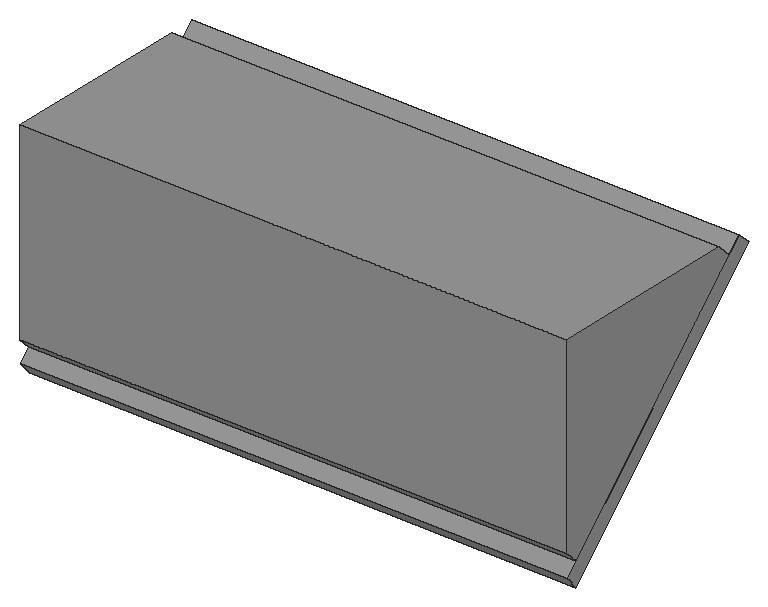
Revit family "MARIONA_2X18W_E27_NOIR", category Lighting Fixtures, host Wall, Revit 2021
Family settings
  Host = Wall
  Round Connector Dimension = Use Diameter
  Part Type = Normal
  OmniClass Number = 23.80.70.00
  OmniClass Title = Lighting
  Always vertical = Yes
  Cut with Voids When Loaded = No
  Light Source = Yes
  Shared = No
  Room Calculation Point = No
Parameters (values of type "Type 1")
  Wattage = 9.2903 W
  built-in parameter 1150110 = 1 (stored number, unit not read)
  Type de lampe = "LED"
  Type de douille = "2xE27"
  Type = "Applique murale"
  built-in parameter 1114217 = 1 (stored number, unit not read)
  built-in parameter 1150109 = 1 (stored number, unit not read)
  built-in parameter 1150134 = (empty or 0)
  built-in parameter 1150113 = 1 (stored number, unit not read)
  Puissance nominale = "Max 2x18W"
  Matériau = "ABS"
  Lumens = 1380 lm
  built-in parameter 1150115 = 1 (stored number, unit not read)
  built-in parameter 1150105 = 109.82 (stored number, unit not read)
  Light Source Symbol Size = 609.6 mm
  built-in parameter 1150137 = (empty or 0)
  built-in parameter 1150139 = (empty or 0)
  built-in parameter 1150112 = 1 (stored number, unit not read)
  built-in parameter 1150114 = 1 (stored number, unit not read)
  built-in parameter 1150132 = 2
  built-in parameter 1150102 = (empty or 0)
  built-in parameter 1150138 = (empty or 0)
  built-in parameter 1150107 = 3000 (stored number, unit not read)
  built-in parameter 1150106 = 1.0982 (stored number, unit not read)
  Fintion = "Noir"
  built-in parameter 1150104 = 13.8 (stored number, unit not read)
  Dimming Lamp Color Temperature Shift = <None>
  Dimensions = "320 x 133 x 134 mm"
  Diffuseur = "Polycarbonate"
  Default Elevation = 0 mm
  Color Filter = 16777215
  built-in parameter 1114218 = 1 (stored number, unit not read)
  built-in parameter 1150133 = 10 (stored number, unit not read)
  Alimentation Driver = "AC 220-240V"
Reference planes
  plane 1: y = 0
  plane 2 "Light Source Axis (L/R)": x = 125
  plane 3 "Light Source Axis (F/R)": y = 150
  plane 4 "Light Source Elevation": z = 1800
Forms (mm)
  Extrusion 1, solid, material "Acrylic"
    sketch origin (125, 0, 0) x (0, 1, 0) y (0, 0, 1)
      loop
        line (193.101, 1926.539) -> (185.64, 1934) -> (75, 1934) -> (75, 1821.458) -> (81.51, 1814.948) -> (193.101, 1926.539)
    from -160 to 160
  Extrusion 2, solid, material "Acrylic"
    sketch origin (125, 0.215, -6.454) x (0, 1, 0) y (0, 0, 1)
      loop
        line (207.336, 1933.336) -> (200.282, 1940.39) -> (74.941, 1815.049) -> (81.502, 1807.502) -> (207.336, 1933.336)
    from -160 to 160
  Extrusion 3, void
    sketch origin (125, 0.215, -6.454) x (0, 1, 0) y (0, 0, 1)
      loop
        line (215.445, 1921.555) -> (201.27, 1935.73) -> (79.344, 1813.803) -> (93.519, 1799.628) -> (215.445, 1921.555)
    from -151.719 to 150.519
  Extrusion 4, solid, material "Glass, White, High Luminance"
    sketch origin (125, 0.215, -6.454) x (0, 1, 0) y (0, 0, 1)
      loop
        line (204.806, 1932.194) -> (82.879, 1810.268) -> (84.217, 1808.929) -> (206.144, 1930.856) -> (204.806, 1932.194)
    from -151.719 to 150.519
Cuts and joins
  Extrusion 3 cuts Extrusion 2
Lines and regions (mm)
  reference lines
    curve 1: line (125, 150, 1785) -> (-35, 150, 1785)
    curve 2: line (-35, 150, 1785) -> (-35, 150, 1919)
    curve 3: line (-35, 150, 1919) -> (285, 150, 1919)
    curve 4: line (285, 150, 1919) -> (285, 150, 1785)
    curve 5: line (285, 150, 1785) -> (125, 150, 1785)
    curve 6: line (125, 75, 1800) -> (125, 208, 1800)
    curve 7: line (125, 208, 1800) -> (125, 208, 1934)
    curve 8: line (125, 208, 1934) -> (125, 75, 1934)
Text (mm)
  text "Placement side" at (-1787.139, 1116.779, 0), in view "Ref. Level"
  text "Placement side" at (0, 296.899, 2986.058), in view "Left"
  text "Placement side" at (0, 628.478, 3011.967), in view "Right"
Dimensions and locks
  aligned and locked: plane 1 to host wall
  aligned and locked: plane 2 "Light Source Axis (L/R)" to imposter light
  aligned and locked: plane 3 "Light Source Axis (F/R)" to imposter light
  aligned and locked: plane 4 "Light Source Elevation" to imposter light
